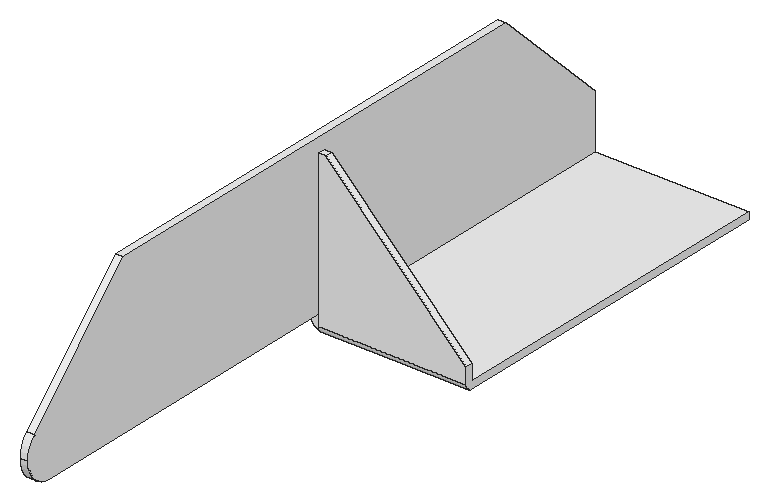
Revit family "JOMA_Universalbeslag 190 Vänster", category Structural Connections, host Face, Revit 2012
Parameters (values of type "8880190V")
  t = 2.000 mm
  h = 190.000 mm
  d2 = 46.060 mm
  h2 = 94.500 mm
  d = 43.620 mm
  b = 41.060 mm
  Vikt = "0,18"
  Spikmönster [instance] = no
  Material = Varmförzinkad stålplåt
  Länk Joma Dimensioneringsverktyg = "http://www.joma.se/dimensioneringsverktyg"
  Default Elevation = 0.000 mm
Reference planes
  plane 1 "Center (Front/Back)": y = 0
  plane 2: z = 0
  plane 3 "Center (Left/Right)": x = 0
  plane 4: x = 41.06
  plane 5: z = 43.62
  plane 6: x = -2
  plane 7: y = 94.5
  plane 8: y = -95.5
  plane 9: y = 2
  plane 10: x = 1.56
  plane 11: z = 2
  plane 12: z = 3.56
  plane 13: z = 46.06
  plane 14: z = 11.06
  plane 15: y = -88
  plane 16: y = -63.61
Forms (mm)
  Extrusion 1, solid, material "Varmförzinkad stålplåt" <- "Material"
    sketch origin (0, 0, 0) x (0, -1, 0) y (0, 0, -1)
      loop
        line (0, -43.62) -> (0, -2)
        arc (0, -2) -> (-0.586, -0.586) -> (-2, 0) r 2
        line (-2, 0) -> (-94.5, 0) -> (-94.5, -2) -> (-2, -2) -> (-2, -43.62) -> (0, -43.62)
    from 0 to 41.06
  Extrusion 2, solid, material "Varmförzinkad stålplåt" <- "Material"
    sketch origin (0, 0, 0) x (1, 0, 0) y (0, 0, 1)
      loop
        line (-2, 46.06) -> (-2, 0) -> (0, 0) -> (0, 46.06) -> (-2, 46.06)
    from -94.5 to 95.5
  Extrusion 3, void
    sketch origin (0, 0, 0) x (1, 0, 0) y (0, 0, 1)
      loop
        line (1.56, 43.62) -> (0, 43.62) -> (0, 0) -> (1.56, 0) -> (1.56, 43.62)
    from -2 to 0
  Extrusion 4, void
    sketch origin (0, 0, 0) x (1, 0, 0) y (0, 0, 1)
      loop
        arc (0, 0) -> (-1.414, 0.586) -> (-2, 2) r 2
        line (-2, 2) -> (-2, 0) -> (0, 0)
    from -94.5 to -2
  Extrusion 5, void
    sketch origin (0, 0, 0) x (1, 0, 0) y (0, 0, 1)
      loop
        line (-2, 3.56) -> (-2, 0) -> (0, 0) -> (0, 3.56) -> (-2, 3.56)
    from -2 to 95.5
  Extrusion 6, void
    sketch origin (0, 0, 0) x (0, 1, 0) y (0, 0, 1)
      loop
        line (94.5, 16.62) -> (94.5, 46.06) -> (64.5, 46.06) -> (94.5, 16.62)
    from -2 to 0
  Extrusion 7, void
    sketch origin (0, 0, 0) x (0, 1, 0) y (0, 0, 1)
      loop
        line (-63.607, 46.06) -> (-95.5, 46.06) -> (-95.5, 11.06)
        arc (-95.5, 11.06) -> (-94.929, 13.93) -> (-93.303, 16.363) r 7.5
        line (-93.303, 16.363) -> (-63.607, 46.06)
    from -2 to 0
  Extrusion 8, void
    sketch origin (0, 0, 0) x (0, 1, 0) y (0, 0, 1)
      loop
        arc (-88, 3.56) -> (-93.303, 5.757) -> (-95.5, 11.06) r 7.5
        line (-95.5, 11.06) -> (-95.5, 3.56) -> (-88, 3.56)
    from -2 to 0
  Extrusion 9, void
    sketch origin (0, 0, 0) x (1, 0, 0) y (0, 0, 1)
      loop
        line (41.06, 43.62) -> (3.56, 43.62) -> (41.06, 6.12) -> (41.06, 43.62)
    from -2 to 0
Cuts and joins
  Extrusion 3, Extrusion 5, Extrusion 6, Extrusion 8, Extrusion 9 cuts Extrusion 1
  Extrusion 3, Extrusion 4, Extrusion 5, Extrusion 6, Extrusion 7, Extrusion 8, Extrusion 9 cuts Extrusion 2
  joined: Extrusion 1, Extrusion 2
Lines and regions (mm)
  symbolic lines, not visible
    curve 1: circle (-36.06, 87, 0) r 2.5 normal (0, 0, 1)
    curve 2: circle (-11.06, 77, 0) r 2.5 normal (0, 0, 1)
    curve 3: circle (-36.06, 67, 0) r 2.5 normal (0, 0, 1)
    curve 4: circle (-11.06, 57, 0) r 2.5 normal (0, 0, 1)
    curve 5: circle (-36.06, 47, 0) r 2.5 normal (0, 0, 1)
    curve 6: circle (-11.06, 37, 0) r 2.5 normal (0, 0, 1)
    curve 7: circle (-36.06, 27, 0) r 2.5 normal (0, 0, 1)
    curve 8: circle (-11.06, 17, 0) r 2.5 normal (0, 0, 1)
    curve 9: circle (-21.06, 72, 0) r 3.5 normal (0, 0, 1)
    curve 26: circle (0, -88, 11.06) r 2.5 normal (1, 0, 0)
    curve 27: circle (0, -70.5, 11.06) r 2.5 normal (1, 0, 0)
    curve 28: circle (0, -50.5, 11.06) r 2.5 normal (1, 0, 0)
    curve 29: circle (0, -30.5, 11.06) r 2.5 normal (1, 0, 0)
    curve 30: circle (0, -60.5, 36.06) r 2.5 normal (1, 0, 0)
    curve 31: circle (0, -40.5, 41.06) r 2.5 normal (1, 0, 0)
    curve 32: circle (0, -20.5, 41.06) r 2.5 normal (1, 0, 0)
    curve 33: circle (-13, 0, 25) r 2.5 normal (0, -1, 0)
  symbolic lines
    curve 10: circle (36.06, 87, 0) r 2.5 normal (0, 0, -1)
    curve 11: circle (11.06, 77, 0) r 2.5 normal (0, 0, -1)
    curve 12: circle (36.06, 67, 0) r 2.5 normal (0, 0, -1)
    curve 13: circle (11.06, 57, 0) r 2.5 normal (0, 0, -1)
    curve 14: circle (36.06, 47, 0) r 2.5 normal (0, 0, -1)
    curve 15: circle (11.06, 37, 0) r 2.5 normal (0, 0, -1)
    curve 16: circle (36.06, 27, 0) r 2.5 normal (0, 0, -1)
    curve 17: circle (11.06, 17, 0) r 2.5 normal (0, 0, -1)
    curve 18: circle (21.06, 72, 0) r 3.5 normal (0, 0, -1)
    curve 19: circle (0, -88, 11.06) r 2.5 normal (1, 0, 0)
    curve 20: circle (0, -70.5, 11.06) r 2.5 normal (1, 0, 0)
    curve 21: circle (0, -50.5, 11.06) r 2.5 normal (1, 0, 0)
    curve 22: circle (0, -30.5, 11.06) r 2.5 normal (1, 0, 0)
    curve 23: circle (0, -60.5, 36.06) r 2.5 normal (1, 0, 0)
    curve 24: circle (0, -40.5, 41.06) r 2.5 normal (1, 0, 0)
    curve 25: circle (0, -20.5, 41.06) r 2.5 normal (1, 0, 0)
    curve 34: circle (13, 0, 25) r 2.5 normal (0, 1, 0)
Text (mm)
  text "B" at (83.603, 208.126, 0), in view "Ref. Level"
  text "C" at (84.213, 0, 159.691), in view "Front"
  text "A" at (0, -239.5, 430.941), in view "Left"
Dimensions and locks
  "t": plane 3 "Center (Left/Right)" to plane 6
  "h2": plane 1 "Center (Front/Back)" to plane 7
  "h": plane 7 to plane 8
  "t": plane 1 "Center (Front/Back)" to plane 9
  plane 3 "Center (Left/Right)" to plane 10 = 1.560 mm
  "t": plane 11 to host face
  plane 12 to plane 11 = 1.560 mm  (x2)
  "b": plane 3 "Center (Left/Right)" to plane 4
  "d2": plane 13 to host face
  "d": plane 5 to host face
  plane 13 to plane 14 = 35.000 mm
  plane 16 to plane 8 = 31.890 mm
  aligned and locked: plane 2 to host face
  aligned and locked: level to host face
  aligned and locked: plane 7 to Extrusion 1
  aligned and locked: plane 7 to Extrusion 2
  aligned and locked: plane 8 to Extrusion 2
  aligned and locked: plane 9 to Extrusion 1
  aligned and locked: plane 5 to Extrusion 3 sketch curve
  aligned and locked: Extrusion 3 sketch curve to plane 10
  aligned and locked: Extrusion 3 sketch curve to Extrusion 2
  aligned and locked: Extrusion 3 to plane 3 "Center (Left/Right)"
  aligned and locked: Extrusion 3 to level
  aligned and locked: Extrusion 3 to plane 10
  aligned and locked: Extrusion 4 to plane 6
  aligned and locked: Extrusion 4 to level
  aligned and locked: Extrusion 5 to level
  aligned and locked: Extrusion 5 to plane 8
  aligned and locked: plane 12 to Extrusion 5
  aligned and locked: Extrusion 5 to Extrusion 1
  aligned and locked: Extrusion 1 to Extrusion 3
  aligned and locked: plane 1 "Center (Front/Back)" to Extrusion 3
  aligned and locked: plane 13 to Extrusion 2
  aligned and locked: Extrusion 6 to plane 6
  aligned and locked: Extrusion 6 to Extrusion 2
  aligned and locked: plane 3 "Center (Left/Right)" to Extrusion 6
  aligned and locked: Extrusion 4 to Extrusion 1  (x2)
  aligned and locked: plane 4 to Extrusion 1
  aligned and locked: Extrusion 1 to Extrusion 9
  aligned and locked: plane 1 "Center (Front/Back)" to Extrusion 9
  aligned and locked: plane 5 to Extrusion 9
  aligned and locked: Extrusion 7 to plane 6
  aligned and locked: plane 3 "Center (Left/Right)" to Extrusion 7
  aligned and locked: Extrusion 7 to plane 8
  aligned and locked: Extrusion 8 to plane 6
  aligned and locked: plane 3 "Center (Left/Right)" to Extrusion 8
  aligned and locked: Extrusion 8 to plane 8
Automatic sketch dimensions
  host sketch curve to host sketch curve = 2438.400 mm  (x2)
  Extrusion 1 sketch curve to plane 7 = 0.000 mm
  Extrusion 1 sketch curve to level = 0.000 mm
  Extrusion 1 sketch curve to plane 9 = 0.000 mm
  Extrusion 1 sketch curve to plane 1 "Center (Front/Back)" = 0.000 mm
  Extrusion 1 sketch curve to plane 5 = 0.000 mm
  Extrusion 1 sketch curve to plane 11 = 0.000 mm
  plane 9 to Extrusion 1 sketch curve = 0.000 mm
  Extrusion 2 sketch curve to plane 6 = 0.000 mm
  Extrusion 2 sketch curve to level = 0.000 mm
  Extrusion 2 sketch curve to plane 3 "Center (Left/Right)" = 0.000 mm
  Extrusion 2 sketch curve to plane 13 = 0.000 mm
  Extrusion 3 sketch curve to level = 0.000 mm
  Extrusion 4 sketch curve to level = 0.000 mm
  Extrusion 4 sketch curve to plane 6 = 0.000 mm
  plane 3 "Center (Left/Right)" to Extrusion 4 sketch curve = 0.000 mm
  Extrusion 5 sketch curve to level = 0.000 mm
  Extrusion 5 sketch curve to plane 6 = 0.000 mm
  Extrusion 5 sketch curve to plane 3 "Center (Left/Right)" = 0.000 mm
  Extrusion 5 sketch curve to plane 12 = 0.000 mm
  Extrusion 6 sketch curve to plane 13 = 0.000 mm
  Extrusion 6 sketch curve to plane 7 = 0.000 mm
  Extrusion 6 sketch curve to Extrusion 6 sketch curve = 30.000 mm
  plane 14 to Extrusion 6 sketch curve = 5.560 mm
  Extrusion 7 sketch curve to plane 8 = 0.000 mm
  Extrusion 7 sketch curve to plane 14 = 0.000 mm  (x2)
  Extrusion 7 sketch curve to plane 15 = 0.000 mm
  Extrusion 7 sketch curve to plane 13 = 0.000 mm
  plane 8 to Extrusion 7 sketch curve = 2.197 mm
  Extrusion 7 sketch curve to plane 16 = 0.003 mm
  Extrusion 8 sketch curve to plane 8 = 0.000 mm
  Extrusion 8 sketch curve to plane 12 = 0.000 mm
  Extrusion 8 sketch curve to plane 15 = 0.000 mm
  Extrusion 9 sketch curve to plane 5 = 0.000 mm
  Extrusion 9 sketch curve to plane 4 = 0.000 mm
  Extrusion 9 sketch curve to plane 10 = 2.000 mm
  plane 12 to Extrusion 9 sketch curve = 2.560 mm
Nested families
  nested 1: "Spikmönster" at (-36.06, 87, 0) x (-1, 0, 0) z (0, 0, 1), visible <- "Spikmönster", type "Ø5", not visible
  nested 2: "Spikmönster" at (-36.06, 67, 0) x (-1, 0, 0) z (0, 0, 1), visible <- "Spikmönster", type "Ø5", not visible
  nested 3: "Spikmönster" at (-36.06, 47, 0) x (-1, 0, 0) z (0, 0, 1), visible <- "Spikmönster", type "Ø5", not visible
  nested 4: "Spikmönster" at (-36.06, 27, 0) x (-1, 0, 0) z (0, 0, 1), visible <- "Spikmönster", type "Ø5", not visible
  nested 5: "Spikmönster" at (-11.06, 37, 0) x (-1, 0, 0) z (0, 0, 1), visible <- "Spikmönster", type "Ø5", not visible
  nested 6: "Spikmönster" at (-11.06, 57, 0) x (-1, 0, 0) z (0, 0, 1), visible <- "Spikmönster", type "Ø5", not visible
  nested 7: "Spikmönster" at (-11.06, 77, 0) x (-1, 0, 0) z (0, 0, 1), visible <- "Spikmönster", type "Ø5", not visible
  nested 8: "Spikmönster" at (36.06, 87, 0), visible <- "Spikmönster", type "Ø5"
  nested 9: "Spikmönster" at (36.06, 67, 0), visible <- "Spikmönster", type "Ø5"
  nested 10: "Spikmönster" at (36.06, 47, 0), visible <- "Spikmönster", type "Ø5"
  nested 11: "Spikmönster" at (36.06, 27, 0), visible <- "Spikmönster", type "Ø5"
  nested 12: "Spikmönster" at (11.06, 37, 0), visible <- "Spikmönster", type "Ø5"
  nested 13: "Spikmönster" at (11.06, 57, 0), visible <- "Spikmönster", type "Ø5"
  nested 14: "Spikmönster" at (11.06, 77, 0), visible <- "Spikmönster", type "Ø5"
  nested 15: "Spikmönster" at (0, -30.5, 11.06) x (0, -1, 0) z (1, 0, 0), visible <- "Spikmönster", type "Ø5"
  nested 16: "Spikmönster" at (0, -50.5, 11.06) x (0, -1, 0) z (1, 0, 0), visible <- "Spikmönster", type "Ø5"
  nested 17: "Spikmönster" at (0, -70.5, 11.06) x (0, -1, 0) z (1, 0, 0), visible <- "Spikmönster", type "Ø5"
  nested 18: "Spikmönster" at (0, -88, 11.06) x (0, -1, 0) z (1, 0, 0), visible <- "Spikmönster", type "Ø5"
  nested 19: "Spikmönster" at (0, -60.5, 36.06) x (0, -1, 0) z (1, 0, 0), visible <- "Spikmönster", type "Ø5"
  nested 20: "Spikmönster" at (0, -40.5, 41.06) x (0, -1, 0) z (1, 0, 0), visible <- "Spikmönster", type "Ø5"
  nested 21: "Spikmönster" at (0, -20.5, 41.06) x (0, -1, 0) z (1, 0, 0), visible <- "Spikmönster", type "Ø5"
  nested 22: "Spikmönster" at (0, -30.5, 11.06) x (0, -1, 0) z (1, 0, 0), visible <- "Spikmönster", type "Ø5", not visible
  nested 23: "Spikmönster" at (0, -50.5, 11.06) x (0, -1, 0) z (1, 0, 0), visible <- "Spikmönster", type "Ø5", not visible
  nested 24: "Spikmönster" at (0, -70.5, 11.06) x (0, -1, 0) z (1, 0, 0), visible <- "Spikmönster", type "Ø5", not visible
  nested 25: "Spikmönster" at (0, -88, 11.06) x (0, -1, 0) z (1, 0, 0), visible <- "Spikmönster", type "Ø5", not visible
  nested 26: "Spikmönster" at (0, -60.5, 36.06) x (0, -1, 0) z (1, 0, 0), visible <- "Spikmönster", type "Ø5", not visible
  nested 27: "Spikmönster" at (0, -40.5, 41.06) x (0, -1, 0) z (1, 0, 0), visible <- "Spikmönster", type "Ø5", not visible
  nested 28: "Spikmönster" at (0, -20.5, 41.06) x (0, -1, 0) z (1, 0, 0), visible <- "Spikmönster", type "Ø5", not visible
Definition of nested family "Spikmönster"
  Parameters (values of type "Ø11")
    Radie = 5.500 mm
  Types (3, lengths in mm): name | Radie
    (no name) | 5.500
    Ø5 | 2.500
    Ø11 | 5.500
  Reference planes
    plane 1 "Center (Front/Back)": y = 0
    plane 2: z = 0
    plane 3 "Center (Left/Right)": x = 0
  Lines and regions (mm)
    Filled region 1, type "Solid Fill - Black", in view "Ref. Level"
      outline origin (0, 0, 0) x (1, 0, 0) y (0, 1, 0)
        loop
          circle (0, 0) r 5.5
  Dimensions and locks
    "Radie": radius of Filled region 1 sketch curve
  Automatic sketch dimensions
    plane 1 "Center (Front/Back)" to Filled region 1 sketch curve = 0.000 mm
    Filled region 1 sketch curve to plane 3 "Center (Left/Right)" = 0.000 mm
